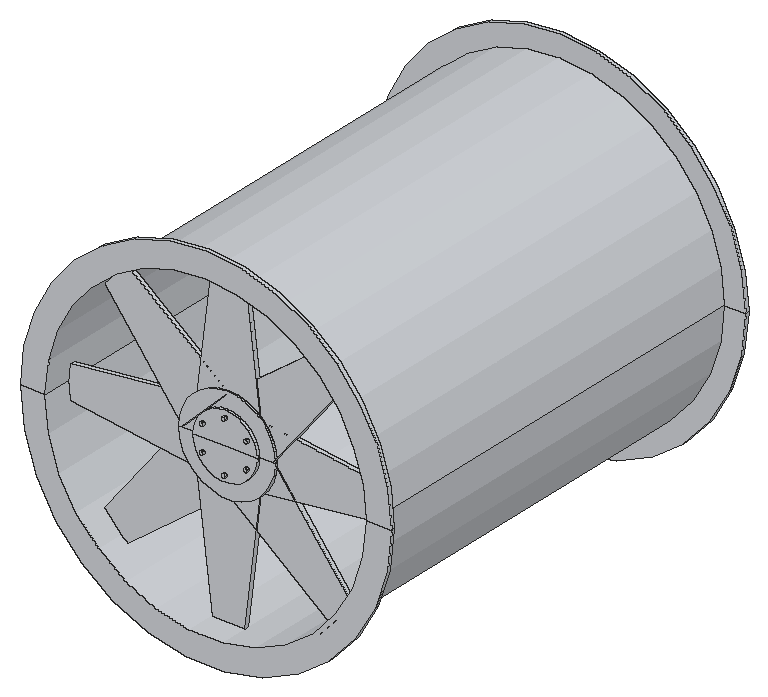
Revit family "CADS_Vent-Axia_MechEquip_Fan_BIFA_450_1Ph4P - EXTRACT", category Mechanical Equipment, Revit 2020
Family settings
  Round Connector Dimension = Use Diameter
  Part Type = Normal
  OmniClass Number = 23.75.00.00
  OmniClass Title = Climate Control (HVAC)
  Work Plane-Based = No
  Always vertical = Yes
  Cut with Voids When Loaded = No
  Shared = No
  Room Calculation Point = No
Parameters (values of type "BIFA451440")
  WorkingPressure = 0.0 Pa
  WarrantyStartDate [instance] = "1900-12-31T23:59:59"
  WarrantyPeriod = ""
  WarrantyIdentifier = "N/A"
  WarrantyGuarantorParts = "tech@vent-axia.com"
  WarrantyGuarantorLabor = "tech@vent-axia.com"
  WarrantyGuarantor = "Vent-Axia Limited"
  WarrantyEndDate [instance] = "1900-12-31T23:59:59"
  WarrantyContent = ""
  TemperatureRange = ""
  TagNumber [instance] = "N/A"
  SustainabilityPerformance = ""
  Status = "New"
  Size = ""
  Shape = ""
  ServiceLifeType = ""
  ServiceLifeDuration = ""
  SerialNumber [instance] = "N/A"
  ReplacementCost = ""
  RatedVoltage = 0 V
  RatedCurrent = 0 A
  Quantity = 1
  ProductionYear = ""
  PressureCurve = ""
  PowerFactor = ""
  PointOfContact = ""
  NumberOfPoles = 0
  NominalWidth = 450 mm
  NominalLength = 625 mm
  NominalHeight = 450 mm
  NominalFrequencyRange = ""
  NominalDiameter = 450 mm
  ModelReference = "BIF 450MM 1PH 4P 40DEG"
  ModelNumber = "BIFA451440"
  Material = ""
  ManufacturerE-Mail = "tech@vent-axia.com"
  ManufacturerAddress = "Fleming Way\nCrawley \nRH10 9YX"
  IsExtendedWarranty = no
  InsulationStandardClass = ""
  InstallationDate [instance] = "1900-12-31T23:59:59"
  IfcExportType [instance] = ""
  IfcExportAs = "IfcFanType"
  IP_Code = ""
  HasProtectiveEarth = no
  GrossWeight = 0.00 kg
  Grade = ""
  GlobalTradeItemNumber [instance] = "N/A"
  Fitting Type = "Ignore"
  Finish = ""
  Features = ""
  ExteriorInsulation = no
  ExpectedServiceLife = 0
  Exclusions = ""
  DurationUnit = "Year"
  Default Elevation = 0 mm
  Constituents = ""
  ConductorFunction = ""
  Color = ""
  CodePerformance = ""
  Category = ""
  CADS_Usage = 0
  CADS_Index = 0
  AssetType = "FIXED"
  AssetIdentifier [instance] = "N/A"
  AssemblyPlace = "UNKNOWN"
  ArticleNumber [instance] = "N/A"
  AirflowRateRange = 0.0 L/s
  Air Flow [instance] = 0.0 L/s
  AccessibilityPerformance = ""
Types (16, lengths in mm): name | ModelReference | ModelNumber
  BIFA451410 | "BIF 450MM 1PH 4P 10DEG" | "BIFA451410"
  BIFA451412 | "BIF 450MM 1PH 4P 12DEG" | "BIFA451412"
  BIFA451414 | "BIF 450MM 1PH 4P 14DEG" | "BIFA451414"
  BIFA451416 | "BIF 450MM 1PH 4P 16DEG" | "BIFA451416"
  BIFA451418 | "BIF 450MM 1PH 4P 18DEG" | "BIFA451418"
  BIFA451420 | "BIF 450MM 1PH 4P 20DEG" | "BIFA451420"
  BIFA451422 | "BIF 450MM 1PH 4P 22DEG" | "BIFA451422"
  BIFA451424 | "BIF 450MM 1PH 4P 24DEG" | "BIFA451424"
  BIFA451426 | "BIF 450MM 1PH 4P 26DEG" | "BIFA451426"
  BIFA451428 | "BIF 450MM 1PH 4P 28DEG" | "BIFA451428"
  BIFA451430 | "BIF 450MM 1PH 4P 30DEG" | "BIFA451430"
  BIFA451432 | "BIF 450MM 1PH 4P 32DEG" | "BIFA451432"
  BIFA451434 | "BIF 450MM 1PH 4P 34DEG" | "BIFA451434"
  BIFA451436 | "BIF 450MM 1PH 4P 36DEG" | "BIFA451436"
  BIFA451438 | "BIF 450MM 1PH 4P 38DEG" | "BIFA451438"
  BIFA451440 | "BIF 450MM 1PH 4P 40DEG" | "BIFA451440"
Reference planes
  plane 1 "Center (Front/Back)": y = 0
  plane 2: z = 0
  plane 3 "Center (Left/Right)": x = 0
  plane 4: x = -225
  plane 5: x = 225
  plane 6 "F": y = -312.5
  plane 7 "B": y = 312.5
  plane 8: x = -260
  plane 9: y = 307.5
  plane 10: y = -307.5
  plane 11: x = -230
  plane 12: y = -272.5
Forms (mm)
  Revolve 1, solid
    sketch origin (0, 0, 0) x (1, 0, 0) y (0, 1, 0)
      loop
        line (-260, -312.5) -> (-225, -312.5) -> (-225, 312.5) -> (-260, 312.5) -> (-260, 307.5) -> (-230, 307.5) -> (-230, -307.5) -> (-260, -307.5) -> (-260, -312.5)
      axis (0, 312.5) -> (0, -312.5)
    angle from 0 to 360
Dimensions and locks
  equal spacing: plane 4, plane 3 "Center (Left/Right)", plane 5
  equal spacing: plane 7 "B", plane 1 "Center (Front/Back)", plane 6 "F"
  "NominalLength": plane 7 "B" to plane 6 "F"
  "NominalDiameter": plane 4 to plane 5
  locked: plane 11 to plane 4 at 5
  locked: plane 8 to plane 11 at 30
  locked: plane 6 "F" to plane 10 at 5
  locked: plane 7 "B" to plane 9 at 5
  locked: plane 6 "F" to plane 12 at 40
  aligned and locked: level to plane 2
  aligned and locked: nested 1 to plane 12
Automatic sketch dimensions
  plane 6 "F" to Revolve 1 sketch curve = 0 mm
  Revolve 1 sketch curve to plane 8 = 0 mm  (x2)
  plane 10 to Revolve 1 sketch curve = 0 mm
  Revolve 1 sketch curve to plane 11 = 0 mm
  Revolve 1 sketch curve to plane 4 = 0 mm
  Revolve 1 sketch curve to plane 3 "Center (Left/Right)" = 0 mm
  plane 1 "Center (Front/Back)" to Revolve 1 sketch curve = 0 mm
  Revolve 1 sketch curve to plane 9 = 0 mm
  Revolve 1 sketch curve to plane 7 "B" = 0 mm
  plane 6 "F" to Revolve 1 sketch curve = 115 mm
Nested families
  nested 1: "Fan for BIFA" at (0, -272.5, 0), ND <- "NominalDiameter", type "Fan for BIFA"
    with hub 45 mm, ND 450 mm, BoltPCD 36 mm, Bolt Count 6, B_Diam 5 mm
  nested 2: "Bolts" at (31.177, -281.672, -18) x (-0.5, 0, -0.866) z (0, 1, 0), type "Bolts"
    with bd 5 mm
  nested 3: "Bolts" at (0, -281.672, -36) x (-1, 0, 0) z (0, 1, 0), type "Bolts"
    with bd 5 mm
  nested 4: "Bolts" at (-31.177, -281.672, -18) x (-0.5, 0, 0.866) z (0, 1, 0), type "Bolts"
    with bd 5 mm
  nested 5: "Bolts" at (-31.177, -281.672, 18) x (0.5, 0, 0.866) z (0, 1, 0), type "Bolts"
    with bd 5 mm
  nested 6: "Bolts" at (31.177, -281.672, 18) x (0.5, 0, -0.866) z (0, 1, 0), type "Bolts"
    with bd 5 mm
  nested 7: "Bolts" at (0, -281.672, 36) x (1, 0, 0) z (0, 1, 0), type "Bolts"
    with bd 5 mm
  nested 8: "BIFA Blade" at (0, -272.5, 0), type "BIFA Blade"
    with a 20.00°, HR 45 mm, HD 90 mm, BT 45 mm, BR 180 mm, BH 40 mm, BD 450 mm, BB 90 mm
  nested 9: "BIFA Blade" at (0, -272.5, 0) x (0.7071, 0, -0.7071) z (0.7071, 0, 0.7071), type "BIFA Blade"
    with a 20.00°, HR 45 mm, HD 90 mm, BT 45 mm, BR 180 mm, BH 40 mm, BD 450 mm, BB 90 mm
  nested 10: "BIFA Blade" at (0, -272.5, 0) x (0, 0, -1) z (1, 0, 0), type "BIFA Blade"
    with a 20.00°, HR 45 mm, HD 90 mm, BT 45 mm, BR 180 mm, BH 40 mm, BD 450 mm, BB 90 mm
  nested 11: "BIFA Blade" at (0, -272.5, 0) x (-0.7071, 0, -0.7071) z (0.7071, 0, -0.7071), type "BIFA Blade"
    with a 20.00°, HR 45 mm, HD 90 mm, BT 45 mm, BR 180 mm, BH 40 mm, BD 450 mm, BB 90 mm
  nested 12: "BIFA Blade" at (0, -272.5, 0) x (-1, 0, 0) z (0, 0, -1), type "BIFA Blade"
    with a 20.00°, HR 45 mm, HD 90 mm, BT 45 mm, BR 180 mm, BH 40 mm, BD 450 mm, BB 90 mm
  nested 13: "BIFA Blade" at (0, -272.5, 0) x (-0.7071, 0, -0.7071) z (-0.7071, 0, 0.7071), type "BIFA Blade"
    with a 20.00°, HR 45 mm, HD 90 mm, BT 45 mm, BR 180 mm, BH 40 mm, BD 450 mm, BB 90 mm
  nested 14: "BIFA Blade" at (0, -272.5, 0) x (0, 0, -1) z (-1, 0, 0), type "BIFA Blade"
    with a 20.00°, HR 45 mm, HD 90 mm, BT 45 mm, BR 180 mm, BH 40 mm, BD 450 mm, BB 90 mm
  nested 15: "BIFA Blade" at (0, -272.5, 0) x (0.7071, 0, -0.7071) z (-0.7071, 0, -0.7071), type "BIFA Blade"
    with a 20.00°, HR 45 mm, HD 90 mm, BT 45 mm, BR 180 mm, BH 40 mm, BD 450 mm, BB 90 mm
Connectors
  hvac at (0, -312.5, 0), driven by "NominalDiameter", driven by "Air Flow"
    settings: on Revolve 1, index 1, duct flow 0.0 L/s, flow factor 0, pres drop 0.0 Pa, loss coef 0, conn angle 0.00°, conn width 304.8 mm, conn height 304.8 mm, conn diameter 450 mm, duct sys type 2, conn prof type 0, flow config 0, flow direction 1, loss method 0, conn ref index -1, conn util no, is conn primary yes, conn desc ""
  hvac at (0, 312.5, 0), driven by "NominalDiameter", driven by "Air Flow"
    settings: on Revolve 1, index 2, duct flow 0.0 L/s, flow factor 0, pres drop 0.0 Pa, loss coef 0, conn angle 0.00°, conn width 304.8 mm, conn height 304.8 mm, conn diameter 450 mm, duct sys type 3, conn prof type 0, flow config 1, flow direction 2, loss method 0, conn ref index -1, conn util no, is conn primary no, conn desc ""
Definition of nested family "Fan for BIFA"
  Parameters (values of type "Fan for BIFA")
    hub [instance] = ND / 10  # 50 mm
    ND [instance] = 500 mm
    Model = "."
    Default Elevation = 0 mm
    BoltPCD [instance] = hub - (hub * 0.2)  # 40 mm
    Bolt Count [instance] = if(hub < 50 mm, 6, 8)  # 8
    B_Diam [instance] = if(hub < 50 mm, 5 mm, 10 mm)  # 10 mm
  Reference planes
    plane 1 "Center (Front/Back)": y = 0
    plane 2: z = 0
    plane 3 "Center (Left/Right)": x = 0
    plane 4 "back": y = 20
    plane 5 "bolts": y = -9.172
    plane 6 "B": z = 50
    plane 7: x = -72.587
    plane 8: x = -50
    plane 9 "hubface": y = -6.172
  Forms (mm)
    Revolve 1, solid
      sketch origin (0, 0, 0) x (1, 0, 0) y (0, 1, 0)
        loop
          line (0, 20) -> (-50, 20) -> (-50, 10.504) -> (-72.587, 10.504) -> (-72.587, -2.597) -> (-50, -2.597) -> (-50, -6.172) -> (0, -6.172) -> (0, 20)
        axis (0, 20) -> (0, -6.172)
      angle from 0 to 360
    Extrusion 2, solid, not visible
      sketch origin (0, -6.347, -4) x (-1, 0, 0) y (0, 0, 1)
        loop
          circle (0, 84) r 5
      from 0 to 3
  Lines and regions (mm)
    symbolic lines
      curve 1: circle (0, -9.172, 0) r 40 normal (0, 1, 0)
    model lines, not visible
      curve 2: line (0, -6.347, 85) -> (0, -6.347, 75)
  Dimensions and locks
    "hub": plane 6 "B" to plane 2
    "hub": nested 3 to plane 3 "Center (Left/Right)"
    "hub": nested 4 to plane 3 "Center (Left/Right)"
    "hub": nested 5 to plane 3 "Center (Left/Right)"
    "hub": plane 3 "Center (Left/Right)" to nested 6
    "hub": Revolve 1 sketch curve to Revolve 1 sketch curve
    "hub": plane 3 "Center (Left/Right)" to nested 7
    "hub": plane 3 "Center (Left/Right)" to nested 8
    "hub": plane 3 "Center (Left/Right)" to nested 9
    "hub": plane 8 to plane 3 "Center (Left/Right)"
    plane 7 to plane 8 = 22.587 mm
    diameter of Extrusion 2 sketch curve = 10 mm
    "BoltPCD": radius of curve 1
    "BoltPCD": radius of radial array
    aligned and locked: level to plane 2
    aligned and locked: plane 6 "B" to nested 1
  Automatic sketch dimensions
    Revolve 1 sketch curve to plane 7 = 0 mm
    Revolve 1 sketch curve to plane 8 = 0 mm  (x2)
    Revolve 1 sketch curve to plane 3 "Center (Left/Right)" = 0 mm
    Revolve 1 sketch curve to plane 9 "hubface" = 0 mm
    plane 4 "back" to Revolve 1 sketch curve = 0 mm
    plane 1 "Center (Front/Back)" to Revolve 1 sketch curve = 2.597 mm
    plane 4 "back" to Revolve 1 sketch curve = 9.496 mm
    plane 4 "back" to Revolve 1 sketch curve = 5 mm
    Revolve 1 sketch curve to Revolve 1 sketch curve = 45 mm
    curve 1 to level = 0 mm
    curve 1 to plane 3 "Center (Left/Right)" = 0 mm
  Nested families
    nested 1: "BIFA Blade" at (0, 0, 25), BD <- "ND", HD <- "hub", type "BIFA Blade"
      with a 20.00°, HR 25 mm, HD 50 mm, BT 25 mm, BR 100 mm, BH 40 mm, BD 250 mm, BB 50 mm
    nested 2: "BIFA Blade" at (0, 0, 55), BD <- "ND", HD <- "hub", type "BIFA Blade", not visible
      with a 20.00°, HR 25 mm, HD 50 mm, BT 25 mm, BR 100 mm, BH 40 mm, BD 250 mm, BB 50 mm
    nested 3: "BIFA Blade" at (17.678, 0, 17.678) x (0.7071, 0, -0.7071) z (0.7071, 0, 0.7071), BD <- "ND", HD <- "hub", type "BIFA Blade"
      with a 20.00°, HR 25 mm, HD 50 mm, BT 25 mm, BR 100 mm, BH 40 mm, BD 250 mm, BB 50 mm
    nested 4: "BIFA Blade" at (25, 0, 0) x (0, 0, -1) z (1, 0, 0), BD <- "ND", HD <- "hub", type "BIFA Blade"
      with a 20.00°, HR 25 mm, HD 50 mm, BT 25 mm, BR 100 mm, BH 40 mm, BD 250 mm, BB 50 mm
    nested 5: "BIFA Blade" at (17.678, 0, -17.678) x (-0.7071, 0, -0.7071) z (0.7071, 0, -0.7071), BD <- "ND", HD <- "hub", type "BIFA Blade"
      with a 20.00°, HR 25 mm, HD 50 mm, BT 25 mm, BR 100 mm, BH 40 mm, BD 250 mm, BB 50 mm
    nested 6: "BIFA Blade" at (0, 0, -25) x (-1, 0, 0) z (0, 0, -1), BD <- "ND", HD <- "hub", type "BIFA Blade"
      with a 20.00°, HR 25 mm, HD 50 mm, BT 25 mm, BR 100 mm, BH 40 mm, BD 250 mm, BB 50 mm
    nested 7: "BIFA Blade" at (-17.678, 0, 17.678) x (-0.7071, 0, -0.7071) z (-0.7071, 0, 0.7071), BD <- "ND", HD <- "hub", type "BIFA Blade"
      with a 20.00°, HR 25 mm, HD 50 mm, BT 25 mm, BR 100 mm, BH 40 mm, BD 250 mm, BB 50 mm
    nested 8: "BIFA Blade" at (-25, 0, 0) x (0, 0, -1) z (-1, 0, 0), BD <- "ND", HD <- "hub", type "BIFA Blade"
      with a 20.00°, HR 25 mm, HD 50 mm, BT 25 mm, BR 100 mm, BH 40 mm, BD 250 mm, BB 50 mm
    nested 9: "BIFA Blade" at (-17.678, 0, -17.678) x (0.7071, 0, -0.7071) z (-0.7071, 0, -0.7071), BD <- "ND", HD <- "hub", type "BIFA Blade"
      with a 20.00°, HR 25 mm, HD 50 mm, BT 25 mm, BR 100 mm, BH 40 mm, BD 250 mm, BB 50 mm
    nested 10: "Bolts" at (0, -9.172, 40) x (1, 0, 0) z (0, 1, 0), bd <- "B_Diam", type "Bolts"
      with bd 10 mm
    nested 11: "Bolts" at (28.284, -9.172, 28.284) x (0.7071, 0, -0.7071) z (0, 1, 0), bd <- "B_Diam", type "Bolts"
      with bd 10 mm
    nested 12: "Bolts" at (-28.284, -9.172, 28.284) x (0.7071, 0, 0.7071) z (0, 1, 0), bd <- "B_Diam", type "Bolts"
      with bd 10 mm
    nested 13: "Bolts" at (-40, -9.172, 0) x (0, 0, 1) z (0, 1, 0), bd <- "B_Diam", type "Bolts"
      with bd 10 mm
    nested 14: "Bolts" at (-28.284, -9.172, -28.284) x (-0.7071, 0, 0.7071) z (0, 1, 0), bd <- "B_Diam", type "Bolts"
      with bd 10 mm
    nested 15: "Bolts" at (0, -9.172, -40) x (-1, 0, 0) z (0, 1, 0), bd <- "B_Diam", type "Bolts"
      with bd 10 mm
    nested 16: "Bolts" at (28.284, -9.172, -28.284) x (-0.7071, 0, -0.7071) z (0, 1, 0), bd <- "B_Diam", type "Bolts"
      with bd 10 mm
    nested 17: "Bolts" at (40, -9.172, 0) x (0, 0, -1) z (0, 1, 0), bd <- "B_Diam", type "Bolts"
      with bd 10 mm
  Definition of nested family "BIFA Blade"
    Parameters (values of type "BIFA Blade")
      a [instance] = 20.00°
      HR [instance] = HD / 2  # 30 mm
      HD [instance] = BD / 5  # 60 mm
      Default Elevation = 1219.2 mm
      BT [instance] = BD / 10  # 30 mm
      BR [instance] = (BD / 2) - HR  # 120 mm
      BH [instance] = 40 mm
      BD [instance] = 300 mm
      BB [instance] = BD / 5  # 60 mm
    Reference planes
      plane 1 "Center (Front/Back)": y = 0
      plane 2: z = 0
      plane 3 "Center (Left/Right)": x = 0
      plane 4 "Blade Bot": z = 30
      plane 5: x = -30
      plane 6: x = 30
      plane 7: x = -15
      plane 8: x = 15
    Forms (mm)
      Blend 1, solid
        base sketch origin (0, 0, 30) x (-1, 0, 0) y (0, -1, 0)
          loop
            line (30, 0) -> (-30, 0) -> (-30, -6) -> (30, -6) -> (30, 0)
        top sketch origin (0, 0, 30) x (-1, 0, 0) y (0, -1, 0)
          loop
            line (15, -6) -> (15, 0) -> (-15, 0) -> (-15, -6) -> (15, -6)
        from 0 to 120 <- "BR"
    Dimensions and locks
      "HR": plane 4 "Blade Bot" to level
      equal spacing: plane 8, plane 3 "Center (Left/Right)", plane 7
      "BT": plane 8 to plane 7
      equal spacing: plane 6, plane 3 "Center (Left/Right)", plane 5
      "BB": plane 6 to plane 5
      aligned and locked: level to plane 2
    Automatic sketch dimensions
      plane 1 "Center (Front/Back)" to Blend 1 sketch curve = 0 mm  (x2)
      Blend 1 sketch curve to plane 6 = 0 mm
      Blend 1 sketch curve to plane 5 = 0 mm
      Blend 1 sketch curve to plane 1 "Center (Front/Back)" = 6 mm  (x2)
      Blend 1 sketch curve to plane 8 = 0 mm
      Blend 1 sketch curve to plane 7 = 0 mm
  Definition of nested family "Bolts"
    Parameters
      bd [instance] = 10 mm
      Default Elevation = 1219.2 mm
    Reference planes
      plane 1 "Center (Front/Back)": y = 0
      plane 2: z = 0
      plane 3 "Center (Left/Right)": x = 0
    Forms (mm)
      Extrusion 1, solid
        sketch origin (0, 0, 0) x (1, 0, 0) y (0, 1, 0)
          loop
            line (-1219.2, 1219.2) -> (-1219.2, -1219.2) -> (1219.2, -1219.2) -> (1219.2, 1219.2) -> (-1219.2, 1219.2)
        from 0 to -304.8
      Extrusion 2, solid
        sketch origin (0, 0, 0) x (1, 0, 0) y (0, 1, 0)
          loop
            circle (0, 0) r 5
        from 0 to 3
    Dimensions and locks
      "bd": diameter of Extrusion 2 sketch curve
      aligned and locked: plane 2 to Extrusion 1
      aligned and locked: level to Extrusion 1
    Automatic sketch dimensions
      Extrusion 1 sketch curve to Extrusion 1 sketch curve = 2438.4 mm  (x2)
      plane 1 "Center (Front/Back)" to Extrusion 2 sketch curve = 0 mm
      Extrusion 2 sketch curve to plane 3 "Center (Left/Right)" = 0 mm
Definition of nested family "Bolts"
  Parameters
    bd [instance] = 10 mm
    Default Elevation = 1219.2 mm
  Reference planes
    plane 1 "Center (Front/Back)": y = 0
    plane 2: z = 0
    plane 3 "Center (Left/Right)": x = 0
  Forms (mm)
    Extrusion 1, solid
      sketch origin (0, 0, 0) x (1, 0, 0) y (0, 1, 0)
        loop
          line (-1219.2, 1219.2) -> (-1219.2, -1219.2) -> (1219.2, -1219.2) -> (1219.2, 1219.2) -> (-1219.2, 1219.2)
      from 0 to -304.8
    Extrusion 2, solid
      sketch origin (0, 0, 0) x (1, 0, 0) y (0, 1, 0)
        loop
          circle (0, 0) r 5
      from 0 to 3
  Dimensions and locks
    "bd": diameter of Extrusion 2 sketch curve
    aligned and locked: plane 2 to Extrusion 1
    aligned and locked: level to Extrusion 1
  Automatic sketch dimensions
    Extrusion 1 sketch curve to Extrusion 1 sketch curve = 2438.4 mm  (x2)
    plane 1 "Center (Front/Back)" to Extrusion 2 sketch curve = 0 mm
    Extrusion 2 sketch curve to plane 3 "Center (Left/Right)" = 0 mm
Definition of nested family "BIFA Blade"
  Parameters (values of type "BIFA Blade")
    a [instance] = 20.00°
    HR [instance] = HD / 2  # 30 mm
    HD [instance] = BD / 5  # 60 mm
    Default Elevation = 1219.2 mm
    BT [instance] = BD / 10  # 30 mm
    BR [instance] = (BD / 2) - HR  # 120 mm
    BH [instance] = 40 mm
    BD [instance] = 300 mm
    BB [instance] = BD / 5  # 60 mm
  Reference planes
    plane 1 "Center (Front/Back)": y = 0
    plane 2: z = 0
    plane 3 "Center (Left/Right)": x = 0
    plane 4 "Blade Bot": z = 30
    plane 5: x = -30
    plane 6: x = 30
    plane 7: x = -15
    plane 8: x = 15
  Forms (mm)
    Blend 1, solid
      base sketch origin (0, 0, 30) x (-1, 0, 0) y (0, -1, 0)
        loop
          line (30, 0) -> (-30, 0) -> (-30, -6) -> (30, -6) -> (30, 0)
      top sketch origin (0, 0, 30) x (-1, 0, 0) y (0, -1, 0)
        loop
          line (15, -6) -> (15, 0) -> (-15, 0) -> (-15, -6) -> (15, -6)
      from 0 to 120 <- "BR"
  Dimensions and locks
    "HR": plane 4 "Blade Bot" to level
    equal spacing: plane 8, plane 3 "Center (Left/Right)", plane 7
    "BT": plane 8 to plane 7
    equal spacing: plane 6, plane 3 "Center (Left/Right)", plane 5
    "BB": plane 6 to plane 5
    aligned and locked: level to plane 2
  Automatic sketch dimensions
    plane 1 "Center (Front/Back)" to Blend 1 sketch curve = 0 mm  (x2)
    Blend 1 sketch curve to plane 6 = 0 mm
    Blend 1 sketch curve to plane 5 = 0 mm
    Blend 1 sketch curve to plane 1 "Center (Front/Back)" = 6 mm  (x2)
    Blend 1 sketch curve to plane 8 = 0 mm
    Blend 1 sketch curve to plane 7 = 0 mm
